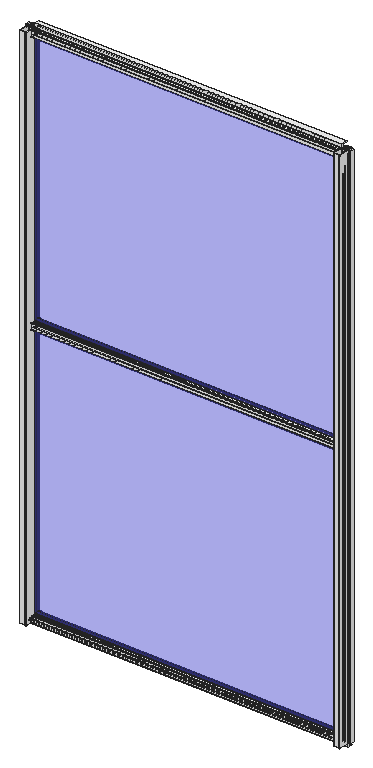
Revit family "Facade_60_Curtain_Wall_S12_Standard", category Windows, host Wall, Revit 2014
Parameters (values of type "F60-S12-3050-2000Pa")
  Windload Design [instance] = if(Custom Windload < 1001 mm, 1000 mm, if(Custom Windload < 1501 mm, 1500 mm, 2000 mm))  # 1000 mm
  Width [instance] = if(Custom Curtain Wall Width < Limit Door Width Min, Limit Door Width Min, if(Custom Curtain Wall Width > Limit Door Width Max, Limit Door Width Max, Custom Curtain Wall Width))  # 2990 mm
  Wall Thickness [instance] = 200 mm
  Vertical Profile Length [instance] = Height - Frame Bottom Gap  # 4960 mm
  URL = "http://www.crealco.co.za/crealco-products.php"
  Type Comments = ""
  Thermal Resistance (R) [instance] = if(IGDB or SAGDB Number = 100100, 1.0000 (m²·K)/W / Intruderprufe U Value, if(IGDB or SAGDB Number = 100100, 1.0000 (m²·K)/W / Intruderprufe U Value, if(IGDB or SAGDB Number = 105003, 1.0000 (m²·K)/W / Intruderprufe Insulated U Value, if(IGDB or SAGDB Number = 105004, 1.0000 (m²·K)/W / Intruderprufe Insulated LowE U Value, 1.0000 (m²·K)/W / 7.9)))) * 1  # 0.126582 (m²·K)/W
  Thermal Break Material = Plastic, Opaque Black
  Solar Heat Gain Coefficient [instance] = if(IGDB or SAGDB Number = 100100, Intruderprufe SHGC Value, if(IGDB or SAGDB Number = 103200, Intruderprufe LowE SHGC Value, if(IGDB or SAGDB Number = 105003, Intruderprufe Insulated SHGC Value, if(IGDB or SAGDB Number = 105004, Intruderprufe Insulated LowE SHGC Value, 0))))  # 0
  Single Glazing [instance] = if(DG Forced, 1 = 0, not(Double Glazing))  # no
  Sill Height = 85 mm  # constant formula
  SG Forced [instance] = not(DG Forced)  # no
  Quarter Expansion Break = no
  Overall Width [instance] = 2990 mm
  Overall Height [instance] = 4990 mm
  Mullion Configuration = 1 mm  # constant formula
  Model = "Façade 60 "  # constant formula
  Mid Transom Bottom Gap [instance] = (Height - Frame Bottom Gap) / 2  # 2480 mm
  Max System DG Unit Thickness = 25 mm  # constant formula
  Max System DG One Piece Thickness [instance] = rounddown((Max System DG Unit Thickness - DG Gasket Thickness) / 2 mm) * 1 mm  # 6 mm
  Max Pane Area [instance] = Glazing Width * Glazing Height  # 7.07344 m²
  Manufacturer = "Crealco"  # constant formula
  Limit Door Width Min = Limit Panel Width Min + (2 * Glazing Side Gap)  # 379.6 mm
  Limit Door Width Max = Limit Panel Width Max + (2 * Glazing Side Gap)  # 3079.6 mm
  Limit Door Height Min = (2 * Limit Panel Height Min) + 69.8 mm + (1 mm * 19.6) + 39.8 mm  # 729.2 mm
  Limit Door Height Max = (2 * Limit Panel Height Max) + 69.8 mm + (1 mm * 19.6) + 39.8 mm  # 12129.2 mm
  Limit Panel Width Min = 300 mm  # constant formula
  Limit Panel Width Max = 3000 mm  # constant formula
  Limit Panel Height Min = 300 mm  # constant formula
  Limit Panel Height Max = 6000 mm  # constant formula
  Sill Length [instance] = Width  # 2990 mm
  Length Sill [instance] = Width  # 2990 mm
  Keynote = ""
  Jamb Width = 60 mm  # constant formula
  Intruderprufe U Value = 5.76
  Intruderprufe SHGC Value = 0.744
  Intruderprufe LowE U Value = 3.99
  Intruderprufe LowE SHGC Value = 0.651
  Intruderprufe Insulated U Value = 2.91
  Intruderprufe Insulated SHGC Value = 0.639
  Intruderprufe Insulated LowE U Value = 0.22
  Intruderprufe Insulated LowE SHGC Value = 0.576
  Horizontal Profile Length [instance] = Width - (2 * Jamb Width)  # 2870 mm
  Half Expansion Break = no
  Glazing Width [instance] = Horizontal Profile Length + (2 mm * 20.2)  # 2910.4 mm
  Glazing Top Gap = 39.8 mm  # constant formula
  Glazing Side Gap = 39.8 mm  # constant formula
  Glazing Height [instance] = (Height - Glazing Top Gap - Glazing Bottom Gap - (60 mm - 20.2 mm - 20.2 mm)) / 2  # 2430.4 mm
  Glazing Gap SG [instance] = (14 mm - SG Thickness) / 2  # 2 mm
  Glazing Gap DG [instance] = (28 mm - (DG Thickness + DG Thickness + DG Gasket Thickness)) / 2  # 2 mm
  Glazing Bottom Gap = 69.8 mm  # constant formula
  Frame Thickness = 101.8 mm  # constant formula
  Frame Bottom Gap = 30 mm  # constant formula
  Door Leaf Height [instance] = 2050 mm
  Double Glazing [instance] = yes
  DG Thickness Calc [instance] = if(not(Max Pane Area > 1.125 m²), 4 mm, if(not(Max Pane Area > 2.25 m²), 4 mm, if(not(Max Pane Area > 3.15 m²), 5 mm, if(not(Max Pane Area > 4.35 m²), 6 mm, if(not(Max Pane Area > 6.45 m²), 8 mm, 10 mm)))))  # 10 mm
  DG Thickness [instance] = if(IGDB or SAGDB Number = 105003, 6 mm, if(IGDB or SAGDB Number = 105004, 7 mm, if(DG Thickness Calc > Max System DG One Piece Thickness, Max System DG One Piece Thickness, DG Thickness Calc)))  # 6 mm
  DG Gasket Thickness = 12 mm  # constant formula
  DG Gasket Finish [instance] = Double Glazing Gasket Material
  DG Forced [instance] = if(IGDB or SAGDB Number = 100100, 1 = 0, if(IGDB or SAGDB Number = 103200, 1 = 0, if(IGDB or SAGDB Number = 105003, 1 = 1, if(IGDB or SAGDB Number = 105004, 1 = 1, Double Glazing))))  # yes
  IGDB or SAGDB Number [instance] = 0
  Height [instance] = if(Custom Curtain Wall Height < Limit Door Height Min, Limit Door Height Min, if(Custom Curtain Wall Height > Limit Door Height Max, Limit Door Height Max, Custom Curtain Wall Height))  # 4990 mm
  Heat Transfer Coefficient (U) [instance] = if(IGDB or SAGDB Number = 100100, Intruderprufe U Value, if(IGDB or SAGDB Number = 103200, Intruderprufe LowE U Value, if(IGDB or SAGDB Number = 105003, Intruderprufe Insulated U Value, if(IGDB or SAGDB Number = 105004, Intruderprufe Insulated LowE U Value, 7.9)))) * 1.0000 W/(m²·K)  # 7.9000 W/(m²·K)
  SG Thickness [instance] = if(IGDB or SAGDB Number = 100100, 6 mm, if(IGDB or SAGDB Number = 103200, 7 mm, if(not(Max Pane Area > 0.75 m²), 4 mm, if(not(Max Pane Area > 1.50 m²), 4 mm, if(not(Max Pane Area > 2.10 m²), 5 mm, if(not(Max Pane Area > 2.90 m²), 6.4 mm, if(not(Max Pane Area > 4.30 m²), 8 mm, 10 mm)))))))  # 10 mm
  Glazing Material [instance] = if(IGDB or SAGDB Number = 100100, "PFG INTRUDERPRUFE 6.38mm", if(IGDB or SAGDB Number = 103200, "PFG INTRUDERPRUFE LOW-E 7.38mm", if(IGDB or SAGDB Number = 105003, "PFG 25mm INTRUDERPRUFE INSULATED GLASS", if(IGDB or SAGDB Number = 105004, "PFG 25mm INTRUDERPRUFE INSULATED GLASS LOW-E", "Unknown"))))  # "Unknown"
  Glazing Finish [instance] = Glass
  Glazing Code [instance] = if(IGDB or SAGDB Number = 100100, "LAM01", if(IGDB or SAGDB Number = 103200, "LAM01E", if(IGDB or SAGDB Number = 105003, "IGU25", if(IGDB or SAGDB Number = 105004, "IGU25E", "Unknown"))))  # "Unknown"
  Frame Offset From Exterior [instance] = if(Centered In Wall, (Wall Thickness - Frame Thickness) / 2, Custom Offset From Exterior) + 5.9 mm  # 55 mm
  Description = "Curtain wall, S12 "  # constant formula
  Default Sill Height = 0 mm
  Wall Closure = By host
  Custom Curtain Wall Width = 2990 mm
  Custom Curtain Wall Height = 4990 mm
  Custom Windload = 1000 mm
  Custom Offset From Exterior = 10 mm
  Centered In Wall [instance] = 1 = 1  # yes
  Aluminium Finish [instance] = White Powder Coated Aluminium ANP 1052
  All Available Glazing Numbers [instance] = "The rows below list the available glazing materials for this window:"  # constant formula
  190mm Mullion = if(Mullion Configuration = 3 mm, 1 = 1, 1 = 0)  # no
  160mm Mullion = if(Mullion Configuration = 2 mm, 1 = 1, 1 = 0)  # no
  105004 [instance] = "IGU25E"  # constant formula
  105003 [instance] = "IGU25"  # constant formula
  103200 [instance] = "LAM01E"  # constant formula
  100mm Mullion = if(or(Mullion Configuration = 2 mm, Mullion Configuration = 3 mm), 1 = 0, 1 = 1)  # yes
  100100 [instance] = "LAM01"  # constant formula
Reference planes
  plane 1 "Center (Front/Back)": y = 0
  plane 2 "Center (Left/Right)": x = 0
  plane 3 "Left": x = -1495
  plane 4 "Right": x = 1495
  plane 5 "Sill": z = 0
  plane 6 "Head": z = 4990
  plane 7 "Exterior": y = 100
  plane 8 "Interior": y = -100
Lines and regions (mm)
  Opening 1
    outline origin (3507.082, -100, 0) x (1, 0, 0) y (0, 0, 1)
      loop
        line (-2012.082, 0) -> (-2012.082, 4990) -> (-5002.082, 4990) -> (-5002.082, 0) -> (-2012.082, 0)
Text (mm)
  text "EXTERIOR" at (-1963.203, 1332.353, 0), in view "Ref. Level"
  text "INTERIOR" at (-1981.466, -818.386, 0), in view "Ref. Level"
  text "Exterior" at (0, 923.751, 2943.296), in view "Right"
  text "Exterior" at (0, 1040.484, 2685.409), in view "Left"
Dimensions and locks
  equal spacing: plane 3 "Left", plane 2 "Center (Left/Right)", plane 4 "Right"
  "Width": plane 3 "Left" to plane 4 "Right"
  "Height": plane 5 "Sill" to plane 6 "Head"
  "Default Sill Height": plane 5 "Sill" to level
  locked: plane 7 "Exterior" to host wall at 0
  locked: plane 8 "Interior" to host wall
  "Overall Height": plane 6 "Head" to plane 5 "Sill"
  "Overall Width": plane 3 "Left" to plane 4 "Right"
  "Wall Thickness": host wall to host wall
  "Jamb Width": nested 3 to plane 4 "Right"
  "Jamb Width": nested 5 to plane 4 "Right"
  "Frame Bottom Gap": nested 5 to level
  "Frame Offset From Exterior": nested 1 to plane 7 "Exterior"
  "Glazing Side Gap": nested 6 to plane 4 "Right"
  "Glazing Top Gap": nested 6 to plane 6 "Head"
  "Glazing Gap SG": nested 6 to nested 1
  "Glazing Side Gap": nested 7 to plane 4 "Right"
  "Glazing Top Gap": nested 7 to plane 6 "Head"
  "Glazing Gap DG": nested 7 to nested 1
  "Jamb Width": nested 8 to plane 4 "Right"
  "Mid Transom Bottom Gap": nested 8 to level
  "Glazing Side Gap": nested 9 to plane 4 "Right"
  "Glazing Side Gap": nested 10 to plane 4 "Right"
  "Glazing Gap SG": nested 10 to nested 1
  "Glazing Gap DG": nested 9 to nested 1
  "Glazing Bottom Gap": nested 9 to level
  "Glazing Bottom Gap": nested 10 to level
  locked: nested 1 to nested 5 at 8.887
  aligned and locked: plane 4 "Right" to nested 1
  aligned and locked: nested 1 to plane 6 "Head"
  aligned and locked: plane 3 "Left" to nested 2
  aligned and locked: plane 6 "Head" to nested 2
  aligned and locked: nested 3 to plane 6 "Head"
  aligned and locked: nested 1 to nested 3
  aligned and locked: nested 4 to level
  aligned and locked: plane 4 "Right" to nested 4
  aligned and locked: nested 1 to nested 2
  aligned and locked: nested 5 to nested 4
  aligned and locked: nested 8 to nested 3
Automatic sketch dimensions
  plane 3 "Left" to Opening 1 sketch curve = 0 mm
  plane 4 "Right" to Opening 1 sketch curve = 0 mm
  Opening 1 sketch curve to plane 5 "Sill" = 0 mm
  Opening 1 sketch curve to plane 6 "Head" = 0 mm
Nested families
  nested 1: "F60 Vertical Profile Side_S12_Std" at (1495, -1.058, 30) x (-1, 0, 0) z (0, 0, 1), Thermal Break Material <- "Thermal Break Material", Profile Material <- "Aluminium Finish", Length <- "Vertical Profile Length", Single Glazing <- "SG Forced", Double Glazing <- "DG Forced", 100mm Mullion <- "100mm Mullion", 160mm Mullion <- "160mm Mullion", 190mm Mullion <- "190mm Mullion", Quarter Expansion Break <- "Quarter Expansion Break", Half Expansion Break <- "Half Expansion Break", type "F60 Vertical Profile Side_S12_Std"
    with Thermal Break Material Plastic, Opaque Black, Single Glazing no, Quarter SG Expansion Break no, Quarter Length 1240 mm, Quarter Expansion Break no, Quarter DG Expansion Break no, Quarter 190mm Expansion Break no, Quarter 160mm Expansion Break no, Quarter 100mm Expansion Break no, Profile Material White Powder Coated Aluminium ANP 1052, Length 4960 mm, Half SG Expansion Break no, Half Length 2480 mm, Half Expansion Break no, Half DG Expansion Break no, Half 190mm Expansion Joint no, Half 160mm Expansion Break no, Half 100mm Expansion Break no, Double Glazing yes, 190mm Mullion no, 160mm Mullion no, 100mm Mullion yes
  nested 2: "F60 Vertical Profile Side_S12_Std" at (-1495, -1.058, 30), Thermal Break Material <- "Thermal Break Material", Profile Material <- "Aluminium Finish", Length <- "Vertical Profile Length", Single Glazing <- "SG Forced", Double Glazing <- "DG Forced", 100mm Mullion <- "100mm Mullion", 160mm Mullion <- "160mm Mullion", 190mm Mullion <- "190mm Mullion", Quarter Expansion Break <- "Quarter Expansion Break", Half Expansion Break <- "Half Expansion Break", type "F60 Vertical Profile Side_S12_Std"
    with Thermal Break Material Plastic, Opaque Black, Single Glazing no, Quarter SG Expansion Break no, Quarter Length 1240 mm, Quarter Expansion Break no, Quarter DG Expansion Break no, Quarter 190mm Expansion Break no, Quarter 160mm Expansion Break no, Quarter 100mm Expansion Break no, Profile Material White Powder Coated Aluminium ANP 1052, Length 4960 mm, Half SG Expansion Break no, Half Length 2480 mm, Half Expansion Break no, Half DG Expansion Break no, Half 190mm Expansion Joint no, Half 160mm Expansion Break no, Half 100mm Expansion Break no, Double Glazing yes, 190mm Mullion no, 160mm Mullion no, 100mm Mullion yes
  nested 3: "F60 Horizontal Profile Top_S12_Std" at (1435, -50.858, 4930) x (-1, 0, 0) z (0, 0, 1), Thermal Break Material <- "Thermal Break Material", Profile Material <- "Aluminium Finish", Length <- "Horizontal Profile Length", Single Glazing <- "SG Forced", Double Glazing <- "DG Forced", type "F60 Horizontal Profile Top_S12_Std"
    with Thermal Break Material Plastic, Opaque Black, Single Glazing no, Profile Material White Powder Coated Aluminium ANP 1052, Length 2870 mm, Double Glazing yes
  nested 4: "F60 Sill_S12_Std" at (1495, -13.486, -1.88) x (-1, 0, 0) z (0, 0, 1), Profile Material <- "Aluminium Finish", Length Sill <- "Length Sill", type "F60 Sill_S12_Std"
    with Profile Material White Powder Coated Aluminium ANP 1052, Length Sill 2990 mm
  nested 5: "F60 Horizontal Profile Bottom_S12_Std" at (1435, -50.858, 30) x (-1, 0, 0) z (0, 0, 1), Thermal Break Material <- "Thermal Break Material", Profile Material <- "Aluminium Finish", Length <- "Horizontal Profile Length", Single Glazing <- "SG Forced", Double Glazing <- "DG Forced", type "F60 Horizontal Profile Bottom_S12_Std"
    with Thermal Break Material Plastic, Opaque Black, Single Glazing no, Profile Material White Powder Coated Aluminium ANP 1052, Length 2870 mm, Double Glazing yes
  nested 6: "F60_Single_Glazing_S12_Std" at (1455.2, 10.942, 2519.8), Glazing Width <- "Glazing Width", Glazing Height <- "Glazing Height", SG Thickness <- "SG Thickness", Glazing Finish <- "Glazing Finish", visible <- "SG Forced", type "F60_Single_Glazing_S12_Std"
    with SG Thickness 10 mm, Glazing Width 2910.4 mm, Glazing Height 2430.4 mm, Glazing Finish Glass
  nested 7: "F60_Double_Glazing_S12_Std" at (1455.2, 24.942, 2519.8), Glazing Material <- "Glazing Finish", Double Glazing Gasket Material <- "DG Gasket Finish", Glazing Width <- "Glazing Width", Glazing Height <- "Glazing Height", Glazing Thickness DG <- "DG Thickness", Double Glazing Gasket Thickness <- "DG Gasket Thickness", visible <- "DG Forced", type "F60_Double_Glazing_S12_Std"
    with Glazing Width 2910.4 mm, Glazing Thickness DG 6 mm, Glazing Material Glass, Glazing Height 2430.4 mm, Double Glazing Gasket Thickness 12 mm, Double Glazing Gasket Material Double Glazing Gasket Material
  nested 8: "F60 Horizontal Profile Middle_S12_Std" at (1435, -50.858, 2480) x (-1, 0, 0) z (0, 0, 1), Thermal Break Material <- "Thermal Break Material", Profile Material <- "Aluminium Finish", Length <- "Horizontal Profile Length", Single Glazing <- "SG Forced", Double Glazing <- "DG Forced", type "F60 Horizontal Profile Middle_S12_Std"
    with Thermal Break Material Plastic, Opaque Black, Single Glazing no, Profile Material White Powder Coated Aluminium ANP 1052, Length 2870 mm, Double Glazing yes
  nested 9: "F60_Double_Glazing_S12_Std" at (1455.2, 24.942, 69.8), Glazing Material <- "Glazing Finish", Double Glazing Gasket Material <- "DG Gasket Finish", Glazing Width <- "Glazing Width", Glazing Height <- "Glazing Height", Glazing Thickness DG <- "DG Thickness", Double Glazing Gasket Thickness <- "DG Gasket Thickness", visible <- "DG Forced", type "F60_Double_Glazing_S12_Std"
    with Glazing Width 2910.4 mm, Glazing Thickness DG 6 mm, Glazing Material Glass, Glazing Height 2430.4 mm, Double Glazing Gasket Thickness 12 mm, Double Glazing Gasket Material Double Glazing Gasket Material
  nested 10: "F60_Single_Glazing_S12_Std" at (1455.2, 10.942, 69.8), Glazing Width <- "Glazing Width", Glazing Height <- "Glazing Height", SG Thickness <- "SG Thickness", Glazing Finish <- "Glazing Finish", visible <- "SG Forced", type "F60_Single_Glazing_S12_Std"
    with SG Thickness 10 mm, Glazing Width 2910.4 mm, Glazing Height 2430.4 mm, Glazing Finish Glass
Definition of nested family "F60 Vertical Profile Side_S12_Std"
  Parameters (values of type "F60 Vertical Profile Side")
    Quarter SG Expansion Break [instance] = if(and(Quarter Expansion Break, Single Glazing), 1 = 1, 1 = 0)  # yes
    Quarter Length [instance] = Length / 4  # 62.5 mm
    Thermal Break Material [instance] = none
    Single Glazing [instance] = yes
    Quarter Expansion Break [instance] = yes
    Quarter DG Expansion Break [instance] = if(and(Quarter Expansion Break, Double Glazing), 1 = 1, 1 = 0)  # yes
    Quarter 190mm Expansion Break [instance] = if(and(Quarter Expansion Break, [190mm Mullion]), 1 = 1, 1 = 0)  # yes
    Quarter 160mm Expansion Break [instance] = if(and(Quarter Expansion Break, [160mm Mullion]), 1 = 1, 1 = 0)  # yes
    Quarter 100mm Expansion Break [instance] = if(and(Quarter Expansion Break, [100mm Mullion]), 1 = 1, 1 = 0)  # yes
    Profile Material [instance] = none
    Length [instance] = 250 mm
    Half SG Expansion Break [instance] = if(and(Half Expansion Break, Single Glazing), 1 = 1, 1 = 0)  # yes
    Half Length [instance] = Length / 2  # 125 mm
    Half Expansion Break [instance] = yes
    Half DG Expansion Break [instance] = if(and(Half Expansion Break, Double Glazing), 1 = 1, 1 = 0)  # yes
    Half 190mm Expansion Joint [instance] = if(and(Half Expansion Break, [190mm Mullion]), 1 = 1, 1 = 0)  # yes
    Half 160mm Expansion Break [instance] = if(and(Half Expansion Break, [160mm Mullion]), 1 = 1, 1 = 0)  # yes
    Half 100mm Expansion Break [instance] = if(and(Half Expansion Break, [100mm Mullion]), 1 = 1, 1 = 0)  # yes
    Double Glazing [instance] = yes
    190mm Mullion [instance] = yes
    160mm Mullion [instance] = yes
    100mm Mullion [instance] = yes
  Reference planes
    plane 1 "Center (Front/Back)": y = 0
    plane 2: z = 0
    plane 3 "Center (Left/Right)": x = 0
  Forms (mm)
    Extrusion 1, solid, material <- "Profile Material"
      sketch origin (0, 0, 0) x (1, 0, 0) y (0, 1, 0)
        loop
          arc (25.249, -8.7) -> (25.484, -9.266) -> (26.049, -9.5) r 0.8
          line (26.049, -9.5) -> (27.1, -9.5) -> (27.1, 7) -> (32.902, 7) -> (32.902, -9.5) -> (33.951, -9.5)
          arc (33.951, -9.5) -> (34.516, -9.266) -> (34.751, -8.7) r 0.8
          line (34.751, -8.7) -> (34.751, 6.2)
          arc (34.751, 6.2) -> (34.985, 6.766) -> (35.551, 7) r 0.8
          line (35.551, 7) -> (52.1, 7) -> (52.1, 5.4) -> (50.55, 5.4) -> (50.55, 4.55)
          arc (50.55, 4.55) -> (50.726, 4.126) -> (51.15, 3.95) r 0.6
          line (51.15, 3.95) -> (52.1, 3.95) -> (52.1, 1)
          arc (52.1, 1) -> (51.6, 0.5) -> (52.1, 0) r 0.5
          line (52.1, 0) -> (54.45, 0) -> (54.45, 1.15) -> (53.3, 1.15) -> (53.3, 2.45) -> (58.8, 2.45) -> (58.8, 1.15) -> (57.65, 1.15) -> (57.65, 0) -> (59.5, 0)
          arc (59.5, 0) -> (59.854, 0.146) -> (60, 0.5) r 0.5
          line (60, 0.5) -> (60, 3.9) -> (53.55, 3.9) -> (53.55, 7.6)
          arc (53.55, 7.6) -> (53.316, 8.166) -> (52.75, 8.4) r 0.8
          line (52.75, 8.4) -> (30, 8.4) -> (7.25, 8.4)
          arc (7.25, 8.4) -> (6.684, 8.166) -> (6.45, 7.6) r 0.8
          line (6.45, 7.6) -> (6.45, 3.9) -> (0, 3.9) -> (0, 0.5)
          arc (0, 0.5) -> (0.146, 0.146) -> (0.5, 0) r 0.5
          line (0.5, 0) -> (2.35, 0) -> (2.35, 1.15) -> (1.2, 1.15) -> (1.2, 2.45) -> (6.7, 2.45) -> (6.7, 1.15) -> (5.55, 1.15) -> (5.55, 0) -> (7.9, 0)
          arc (7.9, 0) -> (8.4, 0.5) -> (7.9, 1) r 0.5
          line (7.9, 1) -> (7.9, 3.95) -> (8.85, 3.95)
          arc (8.85, 3.95) -> (9.274, 4.126) -> (9.45, 4.55) r 0.6
          line (9.45, 4.55) -> (9.45, 5.4) -> (7.9, 5.4) -> (7.9, 7) -> (24.449, 7)
          arc (24.449, 7) -> (25.015, 6.766) -> (25.249, 6.2) r 0.8
          line (25.249, 6.2) -> (25.249, -8.7)
      from 0 to 250 <- "Length"
    Extrusion 2, solid, material <- "Thermal Break Material"
      sketch origin (0, 0, 0) x (1, 0, 0) y (0, 1, 0)
        loop
          line (1.75, 9.8) -> (1.75, 5.2) -> (0, 5.2) -> (0, 3.9) -> (6.35, 3.9) -> (6.35, 7.856)
          arc (6.35, 7.856) -> (6.526, 8.281) -> (6.95, 8.456) r 0.6
          line (6.95, 8.456) -> (30, 8.456) -> (53.05, 8.456)
          arc (53.05, 8.456) -> (53.474, 8.281) -> (53.65, 7.856) r 0.6
          line (53.65, 7.856) -> (53.65, 3.9) -> (60, 3.9) -> (60, 5.2) -> (58.25, 5.2) -> (58.25, 9.8) -> (30, 9.8) -> (1.75, 9.8)
      from 0 to 250 <- "Length"
    Extrusion 3, solid, material <- "Thermal Break Material", visible <- "Single Glazing"
      sketch origin (0, 0, 0) x (1, 0, 0) y (0, 1, 0)
        loop
          line (25.749, -14.011) -> (27.672, -14.011) -> (28.481, -12.611) -> (31.518, -12.611) -> (32.327, -14.011) -> (34.249, -14.011)
          arc (34.249, -14.011) -> (34.603, -13.864) -> (34.749, -13.511) r 0.5
          line (34.749, -13.511) -> (34.749, -10.011)
          arc (34.749, -10.011) -> (34.603, -9.657) -> (34.249, -9.511) r 0.5
          line (34.249, -9.511) -> (32.352, -9.511) -> (32.352, 0.19) -> (31.349, 2.261)
          arc (31.349, 2.261) -> (29.999, 2.986) -> (28.649, 2.261) r 1.62
          line (28.649, 2.261) -> (27.647, 0.19) -> (27.647, -9.511) -> (25.749, -9.511)
          arc (25.749, -9.511) -> (25.396, -9.657) -> (25.249, -10.011) r 0.5
          line (25.249, -10.011) -> (25.249, -13.511)
          arc (25.249, -13.511) -> (25.396, -13.864) -> (25.749, -14.011) r 0.5
        loop
          line (28.504, -10.005) -> (28.504, -10.861)
          arc (28.504, -10.861) -> (28.651, -11.214) -> (29.004, -11.361) r 0.5
          line (29.004, -11.361) -> (30.994, -11.361)
          arc (30.994, -11.361) -> (31.348, -11.214) -> (31.494, -10.861) r 0.5
          line (31.494, -10.861) -> (31.494, -10.005) -> (30.708, -9.219)
          arc (30.708, -9.219) -> (30.383, -9.001) -> (29.999, -8.924) r 1.007
          arc (29.999, -8.924) -> (29.616, -8.999) -> (29.292, -9.217) r 0.986
          line (29.292, -9.217) -> (28.504, -10.005)
        loop
          arc (30.896, 1.935) -> (29.887, 2.44) -> (29.005, 1.735) r 1.047
          line (29.005, 1.735) -> (28.347, 0.374) -> (28.347, -6.993)
          arc (28.347, -6.993) -> (28.583, -7.417) -> (29.068, -7.441) r 0.5
          arc (29.068, -7.441) -> (29.999, -7.223) -> (30.93, -7.441) r 2.099
          arc (30.93, -7.441) -> (31.416, -7.417) -> (31.652, -6.993) r 0.5
          line (31.652, -6.993) -> (31.652, 0.374) -> (30.896, 1.935)
      from 0 to 250 <- "Length"
    Extrusion 4, solid, material <- "Profile Material", visible <- "Single Glazing"
      sketch origin (0, 0, 0) x (1, 0, 0) y (0, 1, 0)
        loop
          line (52.693, -14.011) -> (32.327, -14.011) -> (31.519, -12.611) -> (28.481, -12.611) -> (27.673, -14.011) -> (7.307, -14.011) -> (7.307, -15.011) -> (8.457, -15.011) -> (8.457, -16.261) -> (2.957, -16.261) -> (2.957, -15.011) -> (4.107, -15.011) -> (4.107, -14.011) -> (1.707, -14.011)
          arc (1.707, -14.011) -> (1.199, -14.293) -> (1.168, -14.873) r 0.6
          line (1.168, -14.873) -> (2.093, -16.772) -> (1.015, -17.298) -> (1.484, -18.261) -> (11.488, -18.261)
          arc (11.488, -18.261) -> (11.913, -18.085) -> (12.088, -17.661) r 0.6
          line (12.088, -17.661) -> (12.088, -16.811) -> (47.912, -16.811) -> (47.912, -17.661)
          arc (47.912, -17.661) -> (48.088, -18.085) -> (48.512, -18.261) r 0.6
          line (48.512, -18.261) -> (58.518, -18.261) -> (58.987, -17.298) -> (57.908, -16.772) -> (58.834, -14.874)
          arc (58.834, -14.874) -> (58.802, -14.293) -> (58.293, -14.011) r 0.6
          line (58.293, -14.011) -> (55.893, -14.011) -> (55.893, -15.011) -> (57.043, -15.011) -> (57.043, -16.261) -> (51.543, -16.261) -> (51.543, -15.011) -> (52.693, -15.011) -> (52.693, -14.011)
      from 0 to 250 <- "Length"
    Extrusion 5, solid, material <- "Profile Material", visible <- "Single Glazing"
      sketch origin (0, 0, 0) x (1, 0, 0) y (0, 1, 0)
        loop
          line (2.801, -18.261) -> (1.484, -18.261) -> (1.015, -17.298) -> (2.093, -16.772) -> (0.779, -14.076)
          arc (0.779, -14.076) -> (0.239, -14.21) -> (0.001, -14.713) r 0.65
          line (0.001, -14.713) -> (0.001, -28.068)
          arc (0.001, -28.068) -> (1.172, -30.897) -> (4.001, -32.068) r 4
          line (4.001, -32.068) -> (30.001, -32.068) -> (56.001, -32.068)
          arc (56.001, -32.068) -> (58.829, -30.897) -> (60.001, -28.068) r 4
          line (60.001, -28.068) -> (60.001, -14.713)
          arc (60.001, -14.713) -> (59.763, -14.21) -> (59.223, -14.076) r 0.65
          line (59.223, -14.076) -> (57.908, -16.772) -> (58.987, -17.298) -> (58.518, -18.261) -> (57.201, -18.261)
          arc (57.201, -18.261) -> (56.83, -18.425) -> (56.703, -18.811) r 0.5
          arc (56.703, -18.811) -> (56.83, -19.196) -> (57.201, -19.361) r 0.5
          line (57.201, -19.361) -> (58.951, -19.361) -> (58.951, -27.968)
          arc (58.951, -27.968) -> (58.131, -29.948) -> (56.151, -30.768) r 2.8
          line (56.151, -30.768) -> (30.001, -30.768) -> (3.851, -30.768)
          arc (3.851, -30.768) -> (1.871, -29.948) -> (1.051, -27.968) r 2.8
          line (1.051, -27.968) -> (1.051, -19.361) -> (2.801, -19.361)
          arc (2.801, -19.361) -> (3.172, -19.196) -> (3.298, -18.811) r 0.5
          arc (3.298, -18.811) -> (3.172, -18.425) -> (2.801, -18.261) r 0.5
      from 0 to 250 <- "Length"
    Extrusion 6, solid, material <- "Profile Material", visible <- "100mm Mullion"
      sketch origin (0, 0, 0) x (1, 0, 0) y (0, 1, 0)
        loop
          line (14.02, 13) -> (45.98, 13)
          arc (45.98, 13) -> (46.539, 12.842) -> (46.917, 12.4) r 1
          arc (46.917, 12.4) -> (47.285, 11.963) -> (47.833, 11.8) r 1
          line (47.833, 11.8) -> (58.15, 11.8) -> (58.15, 96.3) -> (47.833, 96.3)
          arc (47.833, 96.3) -> (47.285, 96.137) -> (46.917, 95.7) r 1
          arc (46.917, 95.7) -> (46.548, 95.263) -> (46, 95.1) r 1
          line (46, 95.1) -> (14, 95.1)
          arc (14, 95.1) -> (13.452, 95.263) -> (13.083, 95.7) r 1
          arc (13.083, 95.7) -> (12.715, 96.137) -> (12.167, 96.3) r 1
          line (12.167, 96.3) -> (1.85, 96.3) -> (1.85, 11.8) -> (12.167, 11.8)
          arc (12.167, 11.8) -> (12.715, 11.963) -> (13.083, 12.4) r 1
          arc (13.083, 12.4) -> (13.461, 12.842) -> (14.02, 13) r 1
        loop
          line (1.65, 9.856) -> (58.35, 9.856) -> (58.35, 5.2) -> (60, 5.2) -> (60, 98.8)
          arc (60, 98.8) -> (59.707, 99.507) -> (59, 99.8) r 1
          line (59, 99.8) -> (1, 99.8)
          arc (1, 99.8) -> (0.293, 99.507) -> (0, 98.8) r 1
          line (0, 98.8) -> (0, 5.2) -> (1.65, 5.2) -> (1.65, 9.856)
      from 0 to 250 <- "Length"
    Extrusion 7, solid, material <- "Profile Material", visible <- "160mm Mullion"
      sketch origin (0, 0, 0) x (1, 0, 0) y (0, 1, 0)
        loop
          arc (2.35, 15.6) -> (2.526, 15.176) -> (2.95, 15) r 0.6
          line (2.95, 15) -> (57.05, 15)
          arc (57.05, 15) -> (57.474, 15.176) -> (57.65, 15.6) r 0.6
          line (57.65, 15.6) -> (57.65, 153.7)
          arc (57.65, 153.7) -> (57.474, 154.124) -> (57.05, 154.3) r 0.6
          line (57.05, 154.3) -> (47.833, 154.3)
          arc (47.833, 154.3) -> (47.285, 154.137) -> (46.917, 153.7) r 1
          arc (46.917, 153.7) -> (46.548, 153.263) -> (46, 153.1) r 1
          line (46, 153.1) -> (14, 153.1)
          arc (14, 153.1) -> (13.452, 153.263) -> (13.083, 153.7) r 1
          arc (13.083, 153.7) -> (12.715, 154.137) -> (12.167, 154.3) r 1
          line (12.167, 154.3) -> (2.95, 154.3)
          arc (2.95, 154.3) -> (2.526, 154.124) -> (2.35, 153.7) r 0.6
          line (2.35, 153.7) -> (2.35, 15.6)
        loop
          arc (1, 159.8) -> (0.293, 159.507) -> (0, 158.8) r 1
          line (0, 158.8) -> (0, 5.2) -> (1.65, 5.2) -> (1.65, 10.013) -> (58.35, 10.013) -> (58.35, 5.2) -> (60, 5.2) -> (60, 158.8)
          arc (60, 158.8) -> (59.707, 159.507) -> (59, 159.8) r 1
          line (59, 159.8) -> (1, 159.8)
      from 0 to 250 <- "Length"
    Extrusion 8, solid, material <- "Profile Material", visible <- "190mm Mullion"
      sketch origin (0, 0, 0) x (1, 0, 0) y (0, 1, 0)
        loop
          line (57.25, 15.1) -> (57.25, 178.3)
          arc (57.25, 178.3) -> (56.957, 179.007) -> (56.25, 179.3) r 1
          line (56.25, 179.3) -> (3.75, 179.3)
          arc (3.75, 179.3) -> (3.043, 179.007) -> (2.75, 178.3) r 1
          line (2.75, 178.3) -> (2.75, 15.1)
          arc (2.75, 15.1) -> (2.984, 14.534) -> (3.55, 14.3) r 0.8
          line (3.55, 14.3) -> (56.45, 14.3)
          arc (56.45, 14.3) -> (57.016, 14.534) -> (57.25, 15.1) r 0.8
        loop
          line (60, 5.2) -> (60, 188.8)
          arc (60, 188.8) -> (59.707, 189.507) -> (59, 189.8) r 1
          line (59, 189.8) -> (1, 189.8)
          arc (1, 189.8) -> (0.293, 189.507) -> (0, 188.8) r 1
          line (0, 188.8) -> (0, 5.2) -> (1.65, 5.2) -> (1.65, 9.856) -> (58.35, 9.856) -> (58.35, 5.2) -> (60, 5.2)
      from 0 to 250 <- "Length"
    Extrusion 9, solid, material <- "Thermal Break Material", visible <- "Double Glazing"
      sketch origin (0, 0, 0) x (1, 0, 0) y (0, 1, 0)
        loop
          line (27.672, -28) -> (28.48, -26.6) -> (31.518, -26.6) -> (32.326, -28) -> (34.249, -28)
          arc (34.249, -28) -> (34.603, -27.854) -> (34.749, -27.5) r 0.5
          line (34.749, -27.5) -> (34.749, -10)
          arc (34.749, -10) -> (34.603, -9.646) -> (34.249, -9.5) r 0.5
          line (34.249, -9.5) -> (32.352, -9.5) -> (32.352, 0.198) -> (31.348, 2.272)
          arc (31.348, 2.272) -> (29.998, 2.997) -> (28.648, 2.272) r 1.62
          line (28.648, 2.272) -> (27.645, 0.201) -> (27.645, -9.5) -> (25.749, -9.5)
          arc (25.749, -9.5) -> (25.396, -9.646) -> (25.249, -10) r 0.5
          line (25.249, -10) -> (25.249, -27.5)
          arc (25.249, -27.5) -> (25.396, -27.854) -> (25.749, -28) r 0.5
          line (25.749, -28) -> (27.672, -28)
        loop
          arc (30.706, -9.206) -> (30.382, -8.99) -> (29.999, -8.913) r 1.007
          arc (29.999, -8.913) -> (29.616, -8.988) -> (29.292, -9.206) r 0.986
          line (29.292, -9.206) -> (27.142, -11.356)
          arc (27.142, -11.356) -> (26.926, -11.68) -> (26.849, -12.063) r 1
          line (26.849, -12.063) -> (26.849, -24)
          arc (26.849, -24) -> (27.142, -24.707) -> (27.849, -25) r 1
          line (27.849, -25) -> (32.149, -25)
          arc (32.149, -25) -> (32.856, -24.707) -> (33.149, -24) r 1
          line (33.149, -24) -> (33.149, -12.063)
          arc (33.149, -12.063) -> (33.073, -11.68) -> (32.856, -11.356) r 1
          line (32.856, -11.356) -> (30.706, -9.206)
        loop
          arc (28.345, -6.982) -> (28.581, -7.407) -> (29.067, -7.43) r 0.5
          arc (29.067, -7.43) -> (29.998, -7.213) -> (30.929, -7.43) r 2.099
          arc (30.929, -7.43) -> (31.414, -7.407) -> (31.651, -6.982) r 0.5
          line (31.651, -6.982) -> (31.651, 0.385) -> (30.895, 1.946)
          arc (30.895, 1.946) -> (29.885, 2.45) -> (29.004, 1.745) r 1.047
          line (29.004, 1.745) -> (28.345, 0.385) -> (28.345, -6.982)
      from 0 to 250 <- "Length"
    Extrusion 10, solid, material <- "Profile Material", visible <- "Double Glazing"
      sketch origin (0, 0, 0) x (1, 0, 0) y (0, 1, 0)
        loop
          line (52.692, -28) -> (32.327, -28) -> (31.518, -26.6) -> (28.48, -26.6) -> (27.672, -28) -> (7.306, -28) -> (7.306, -29) -> (8.456, -29) -> (8.456, -30.25) -> (2.956, -30.25) -> (2.956, -29) -> (4.106, -29) -> (4.106, -28) -> (1.706, -28)
          arc (1.706, -28) -> (1.198, -28.282) -> (1.167, -28.863) r 0.6
          line (1.167, -28.863) -> (2.093, -30.762) -> (1.014, -31.288) -> (1.483, -32.25) -> (11.488, -32.25)
          arc (11.488, -32.25) -> (11.912, -32.074) -> (12.088, -31.65) r 0.6
          line (12.088, -31.65) -> (12.088, -30.8) -> (47.911, -30.8) -> (47.911, -31.65)
          arc (47.911, -31.65) -> (48.087, -32.074) -> (48.511, -32.25) r 0.6
          line (48.511, -32.25) -> (58.517, -32.25) -> (58.986, -31.288) -> (57.907, -30.762) -> (58.833, -28.864)
          arc (58.833, -28.864) -> (58.801, -28.282) -> (58.292, -28) r 0.6
          line (58.292, -28) -> (55.892, -28) -> (55.892, -29) -> (57.042, -29) -> (57.042, -30.25) -> (51.542, -30.25) -> (51.542, -29) -> (52.692, -29) -> (52.692, -28)
      from 0 to 250 <- "Length"
    Extrusion 11, solid, material <- "Profile Material", visible <- "Double Glazing"
      sketch origin (0, 0, 0) x (1, 0, 0) y (0, 1, 0)
        loop
          line (2.8, -32.25) -> (1.483, -32.25) -> (1.014, -31.288) -> (2.093, -30.762) -> (0.778, -28.065)
          arc (0.778, -28.065) -> (0.238, -28.2) -> (0, -28.702) r 0.65
          line (0, -28.702) -> (0, -42.058)
          arc (0, -42.058) -> (1.172, -44.886) -> (4, -46.058) r 4
          line (4, -46.058) -> (30, -46.058) -> (56, -46.058)
          arc (56, -46.058) -> (58.828, -44.886) -> (60, -42.058) r 4
          line (60, -42.058) -> (60, -28.702)
          arc (60, -28.702) -> (59.762, -28.2) -> (59.222, -28.065) r 0.65
          line (59.222, -28.065) -> (57.907, -30.762) -> (58.986, -31.288) -> (58.517, -32.25) -> (57.2, -32.25)
          arc (57.2, -32.25) -> (56.829, -32.415) -> (56.703, -32.8) r 0.5
          arc (56.703, -32.8) -> (56.829, -33.185) -> (57.2, -33.35) r 0.5
          line (57.2, -33.35) -> (58.95, -33.35) -> (58.95, -41.958)
          arc (58.95, -41.958) -> (58.13, -43.938) -> (56.15, -44.758) r 2.8
          line (56.15, -44.758) -> (30, -44.758) -> (3.85, -44.758)
          arc (3.85, -44.758) -> (1.87, -43.938) -> (1.05, -41.958) r 2.8
          line (1.05, -41.958) -> (1.05, -33.35) -> (2.8, -33.35)
          arc (2.8, -33.35) -> (3.171, -33.185) -> (3.297, -32.8) r 0.5
          arc (3.297, -32.8) -> (3.171, -32.415) -> (2.8, -32.25) r 0.5
      from 0 to 250 <- "Length"
    Extrusion 12, solid, material <- "Profile Material", visible <- "Single Glazing"
      sketch origin (0, 0, 0) x (1, 0, 0) y (0, 1, 0)
        loop
          line (10.403, -10.171) -> (10.403, -3.821) -> (-21.349, -3.821) -> (-21.349, -35.567) -> (-14.999, -35.567) -> (-14.999, -10.171) -> (10.403, -10.171)
      from 0 to 250 <- "Length"
    Extrusion 13, solid, material <- "Profile Material", visible <- "Double Glazing"
      sketch origin (0, 0, 0) x (1, 0, 0) y (0, 1, 0)
        loop
          line (10.402, -7.775) -> (10.402, -1.425) -> (-21.35, -1.425) -> (-21.35, -33.172) -> (-15, -33.172) -> (-15, -7.775) -> (10.402, -7.775)
      from 0 to 250 <- "Length"
    Extrusion 14, solid, material <- "Profile Material", visible <- "Double Glazing"
      sketch origin (0, 0, 0) x (1, 0, 0) y (0, 1, 0)
        loop
          line (12, -7.775) -> (0, -7.775) -> (0, -25.775) -> (12, -25.775) -> (12, -7.775)
        loop
          line (10.8, -8.975) -> (1.2, -8.975) -> (1.2, -24.575) -> (10.8, -24.575) -> (10.8, -8.975)
      from 0 to 250 <- "Length"
  Lines and regions (mm)
    model lines, style "GenericModelHiddenLines", visible <- "Half 100mm Expansion Break"
      curve 1: line (60, 5.2, 125) -> (60, 95.2, 125)
      curve 2: line (60, 99.8, 125) -> (0, 99.8, 125)
      curve 8: line (0, 5.2, 125) -> (0, 95.2, 125)
    model lines, style "GenericModelHiddenLines", visible <- "Quarter 100mm Expansion Break"
      curve 3: line (60, 5.2, 187.5) -> (60, 95.2, 187.5)
      curve 4: line (60, 5.2, 62.5) -> (60, 95.2, 62.5)
      curve 5: line (60, 99.8, 62.5) -> (0, 99.8, 62.5)
      curve 6: line (60, 99.8, 187.5) -> (0, 99.8, 187.5)
      curve 7: line (0, 5.2, 187.5) -> (0, 95.2, 187.5)
      curve 9: line (0, 5.2, 62.5) -> (0, 95.2, 62.5)
    model lines, style "GenericModelHiddenLines", visible <- "Half SG Expansion Break"
      curve 10: line (4.107, -32.068, 125) -> (55.893, -32.068, 125)
      curve 14: line (60.001, -14.011, 125) -> (60.001, -32.068, 125)
    model lines, style "GenericModelHiddenLines", visible <- "Quarter SG Expansion Break"
      curve 11: line (4.107, -32.068, 187.5) -> (56.703, -32.068, 187.5)
      curve 12: line (4.107, -32.068, 62.5) -> (56.703, -32.068, 62.5)
      curve 13: line (60.001, -14.011, 187.5) -> (60.001, -32.068, 187.5)
      curve 15: line (60.001, -14.011, 62.5) -> (60.001, -32.068, 62.5)
    model lines, style "GenericModelHiddenLines", visible <- "Quarter 160mm Expansion Break"
      curve 16: line (0, 5.2, 187.5) -> (0, 155.2, 187.5)
      curve 18: line (0, 5.2, 62.5) -> (0, 155.2, 62.5)
      curve 19: line (0, 159.8, 187.5) -> (60, 159.8, 187.5)
      curve 21: line (0, 159.8, 62.5) -> (60, 159.8, 62.5)
      curve 22: line (60, 5.2, 187.5) -> (60, 155.2, 187.5)
      curve 24: line (60, 5.2, 62.5) -> (60, 155.2, 62.5)
    model lines, style "GenericModelHiddenLines", visible <- "Half 160mm Expansion Break"
      curve 17: line (0, 5.2, 125) -> (0, 155.2, 125)
      curve 20: line (0, 159.8, 125) -> (60, 159.8, 125)
      curve 23: line (60, 5.2, 125) -> (60, 155.2, 125)
    model lines, style "GenericModelHiddenLines", visible <- "Quarter 190mm Expansion Break"
      curve 25: line (0, 5.2, 187.5) -> (0, 185.2, 187.5)
      curve 27: line (0, 5.2, 62.5) -> (0, 185.2, 62.5)
      curve 28: line (0.779, 189.8, 187.5) -> (59.222, 189.8, 187.5)
      curve 30: line (0.779, 189.8, 62.5) -> (59.222, 189.8, 62.5)
      curve 31: line (60, 5.2, 187.5) -> (60, 185.2, 187.5)
      curve 33: line (60, 5.2, 62.5) -> (60, 185.2, 62.5)
    model lines, style "GenericModelHiddenLines", visible <- "Half 190mm Expansion Joint"
      curve 26: line (0, 5.2, 125) -> (0, 185.2, 125)
      curve 29: line (0.779, 189.8, 125) -> (59.222, 189.8, 125)
      curve 32: line (60, 5.2, 125) -> (60, 185.2, 125)
    model lines, style "GenericModelHiddenLines", visible <- "Quarter DG Expansion Break"
      curve 34: line (60, -28.065, 187.5) -> (60, -46.074, 187.5)
      curve 36: line (60, -28.065, 62.5) -> (60, -46.027, 62.5)
      curve 37: line (59.222, -46.058, 187.5) -> (0.779, -46.058, 187.5)
      curve 39: line (59.222, -46.058, 62.5) -> (0.779, -46.058, 62.5)
    model lines, style "GenericModelHiddenLines", visible <- "Half DG Expansion Break"
      curve 35: line (60, -28.065, 125) -> (60, -46.074, 125)
      curve 38: line (59.222, -46.058, 125) -> (0.779, -46.058, 125)
  Dimensions and locks
    "Half Length": curve 1 to level
    "Half Length": level to curve 2
    "Quarter Length": curve 4 to level
    "Quarter Length": Extrusion 8 to curve 3
    "Quarter Length": level to curve 5
    "Quarter Length": curve 6 to Extrusion 6
    "Quarter Length": curve 9 to level
    "Half Length": curve 8 to level
    "Quarter Length": Extrusion 8 to curve 7
    "Quarter Length": curve 12 to level
    "Half Length": curve 10 to level
    "Quarter Length": Extrusion 5 to curve 11
    "Quarter Length": curve 15 to level
    "Half Length": curve 14 to level
    "Quarter Length": Extrusion 5 to curve 13
    "Quarter Length": Extrusion 7 to curve 18
    "Half Length": Extrusion 7 to curve 17
    "Quarter Length": Extrusion 7 to curve 16
    "Quarter Length": Extrusion 7 to curve 21
    "Quarter Length": curve 19 to Extrusion 7
    "Half Length": Extrusion 7 to curve 20
    "Quarter Length": Extrusion 7 to curve 24
    "Quarter Length": Extrusion 7 to curve 22
    "Half Length": Extrusion 7 to curve 23
    "Quarter Length": Extrusion 8 to curve 27
    "Quarter Length": Extrusion 8 to curve 25
    "Half Length": Extrusion 8 to curve 26
    "Quarter Length": Extrusion 8 to curve 30
    "Quarter Length": curve 28 to Extrusion 8
    "Half Length": Extrusion 8 to curve 29
    "Quarter Length": Extrusion 8 to curve 33
    "Quarter Length": Extrusion 8 to curve 31
    "Half Length": Extrusion 8 to curve 32
    "Quarter Length": Extrusion 11 to curve 36
    "Quarter Length": Extrusion 11 to curve 34
    "Half Length": Extrusion 11 to curve 35
    "Quarter Length": Extrusion 11 to curve 37
    "Quarter Length": curve 39 to Extrusion 11
    "Half Length": curve 38 to Extrusion 11
    aligned and locked: level to plane 2
  Automatic sketch dimensions
    Extrusion 1 sketch curve to plane 3 "Center (Left/Right)" = 0 mm
    plane 1 "Center (Front/Back)" to Extrusion 1 sketch curve = 0 mm  (x4)
    plane 3 "Center (Left/Right)" to Extrusion 1 sketch curve = 0.5 mm
    Extrusion 1 sketch curve to Extrusion 1 sketch curve = 0.7 mm  (x2)
    Extrusion 1 sketch curve to Extrusion 1 sketch curve = 1.15 mm  (x4)
    Extrusion 1 sketch curve to Extrusion 1 sketch curve = 3.2 mm  (x2)
    Extrusion 1 sketch curve to Extrusion 1 sketch curve = 0.9 mm
    Extrusion 1 sketch curve to Extrusion 1 sketch curve = 0.25 mm
    Extrusion 1 sketch curve to Extrusion 1 sketch curve = 0.8 mm  (x7)
    Extrusion 1 sketch curve to Extrusion 1 sketch curve = 1.45 mm  (x2)
    Extrusion 1 sketch curve to Extrusion 1 sketch curve = 0.65 mm  (x3)
    Extrusion 1 sketch curve to Extrusion 1 sketch curve = 0.95 mm  (x3)
    Extrusion 1 sketch curve to Extrusion 1 sketch curve = 0.6 mm  (x3)
    Extrusion 1 sketch curve to plane 1 "Center (Front/Back)" = 7 mm
    Extrusion 1 sketch curve to Extrusion 1 sketch curve = 14.999 mm  (x2)
    plane 1 "Center (Front/Back)" to Extrusion 1 sketch curve = 8.7 mm
    Extrusion 1 sketch curve to Extrusion 1 sketch curve = 1.85 mm
    Extrusion 1 sketch curve to Extrusion 1 sketch curve = 2.9 mm
    Extrusion 1 sketch curve to Extrusion 1 sketch curve = 5.802 mm
    Extrusion 1 sketch curve to Extrusion 1 sketch curve = 1.049 mm
    Extrusion 1 sketch curve to plane 1 "Center (Front/Back)" = 4.55 mm
    Extrusion 1 sketch curve to plane 1 "Center (Front/Back)" = 0.5 mm  (x3)
    Extrusion 1 sketch curve to Extrusion 1 sketch curve = 1.2 mm
    Extrusion 1 sketch curve to plane 1 "Center (Front/Back)" = 1.15 mm  (x2)
    Extrusion 1 sketch curve to Extrusion 1 sketch curve = 0 mm
    Extrusion 1 sketch curve to Extrusion 1 sketch curve = 1.3 mm  (x2)
    Extrusion 1 sketch curve to Extrusion 1 sketch curve = 0.05 mm  (x2)
    Extrusion 1 sketch curve to Extrusion 1 sketch curve = 0.85 mm  (x2)
    Extrusion 1 sketch curve to plane 1 "Center (Front/Back)" = 6.2 mm
    Extrusion 2 sketch curve to plane 3 "Center (Left/Right)" = 0 mm
    plane 3 "Center (Left/Right)" to Extrusion 2 sketch curve = 1.75 mm
    Extrusion 2 sketch curve to Extrusion 2 sketch curve = 4.6 mm  (x4)
    Extrusion 2 sketch curve to Extrusion 2 sketch curve = 0.6 mm  (x2)
    Extrusion 2 sketch curve to plane 1 "Center (Front/Back)" = 9.8 mm
    Extrusion 2 sketch curve to Extrusion 2 sketch curve = 23.05 mm  (x2)
    Extrusion 2 sketch curve to Extrusion 2 sketch curve = 0 mm
    Extrusion 2 sketch curve to plane 1 "Center (Front/Back)" = 8.456 mm
    Extrusion 2 sketch curve to Extrusion 2 sketch curve = 1.75 mm
    Extrusion 2 sketch curve to plane 1 "Center (Front/Back)" = 3.9 mm  (x2)
    plane 3 "Center (Left/Right)" to Extrusion 3 sketch curve = 25.249 mm
    Extrusion 3 sketch curve to Extrusion 3 sketch curve = 0.5 mm  (x6)
    Extrusion 3 sketch curve to plane 1 "Center (Front/Back)" = 0.19 mm  (x2)
    Extrusion 3 sketch curve to Extrusion 3 sketch curve = 1.897 mm  (x2)
    Extrusion 3 sketch curve to Extrusion 3 sketch curve = 1.922 mm  (x2)
    Extrusion 3 sketch curve to plane 1 "Center (Front/Back)" = 0.374 mm  (x2)
    Extrusion 3 sketch curve to Extrusion 3 sketch curve = 0.7 mm  (x2)
    plane 1 "Center (Front/Back)" to Extrusion 3 sketch curve = 12.611 mm
    Extrusion 3 sketch curve to Extrusion 3 sketch curve = 0.809 mm
    Extrusion 3 sketch curve to Extrusion 3 sketch curve = 0.858 mm
    Extrusion 3 sketch curve to plane 1 "Center (Front/Back)" = 2.261 mm  (x2)
    Extrusion 3 sketch curve to Extrusion 3 sketch curve = 0.303 mm
    Extrusion 3 sketch curve to plane 1 "Center (Front/Back)" = 1.735 mm
    Extrusion 3 sketch curve to Extrusion 3 sketch curve = 0.356 mm
    plane 1 "Center (Front/Back)" to Extrusion 3 sketch curve = 9.217 mm
    Extrusion 3 sketch curve to Extrusion 3 sketch curve = 0.788 mm
    Extrusion 3 sketch curve to Extrusion 3 sketch curve = 0.701 mm
    Extrusion 3 sketch curve to Extrusion 3 sketch curve = 0.003 mm
    Extrusion 3 sketch curve to Extrusion 3 sketch curve = 0.992 mm
    Extrusion 3 sketch curve to Extrusion 3 sketch curve = 0.006 mm
    Extrusion 3 sketch curve to Extrusion 3 sketch curve = 0.002 mm
    plane 1 "Center (Front/Back)" to Extrusion 3 sketch curve = 9.219 mm
    Extrusion 3 sketch curve to Extrusion 3 sketch curve = 0.709 mm
    Extrusion 3 sketch curve to plane 1 "Center (Front/Back)" = 1.935 mm
    Extrusion 3 sketch curve to Extrusion 3 sketch curve = 0.899 mm
    Extrusion 3 sketch curve to Extrusion 3 sketch curve = 0.998 mm
    Extrusion 3 sketch curve to Extrusion 3 sketch curve = 0.444 mm
    Extrusion 3 sketch curve to Extrusion 3 sketch curve = 0.524 mm
    Extrusion 3 sketch curve to Extrusion 3 sketch curve = 0.756 mm
    Extrusion 3 sketch curve to Extrusion 3 sketch curve = 0.808 mm
    Extrusion 3 sketch curve to Extrusion 3 sketch curve = 0.9 mm  (x2)
    Extrusion 3 sketch curve to Extrusion 3 sketch curve = 1.25 mm
    Extrusion 3 sketch curve to Extrusion 3 sketch curve = 0.85 mm  (x2)
    Extrusion 3 sketch curve to Extrusion 3 sketch curve = 0.856 mm  (x2)
    Extrusion 3 sketch curve to Extrusion 3 sketch curve = 0.714 mm
    Extrusion 3 sketch curve to Extrusion 3 sketch curve = 0.02 mm
    Extrusion 3 sketch curve to Extrusion 3 sketch curve = 0.399 mm
    Extrusion 3 sketch curve to Extrusion 3 sketch curve = 2.224 mm
    Extrusion 3 sketch curve to Extrusion 3 sketch curve = 0.448 mm
    Extrusion 3 sketch curve to Extrusion 3 sketch curve = 0.032 mm
    Extrusion 3 sketch curve to Extrusion 3 sketch curve = 0 mm
    plane 3 "Center (Left/Right)" to Extrusion 4 sketch curve = 1.015 mm
    Extrusion 4 sketch curve to Extrusion 4 sketch curve = 0.469 mm
    plane 3 "Center (Left/Right)" to Extrusion 4 sketch curve = 1.707 mm
    Extrusion 4 sketch curve to Extrusion 4 sketch curve = 1.079 mm
    Extrusion 4 sketch curve to Extrusion 4 sketch curve = 0.864 mm
    Extrusion 4 sketch curve to Extrusion 4 sketch curve = 1.15 mm  (x4)
    Extrusion 4 sketch curve to Extrusion 4 sketch curve = 3.2 mm  (x2)
    Extrusion 4 sketch curve to Extrusion 4 sketch curve = 3.031 mm  (x2)
    Extrusion 4 sketch curve to Extrusion 4 sketch curve = 0.6 mm  (x3)
    Extrusion 4 sketch curve to Extrusion 4 sketch curve = 15.584 mm  (x2)
    plane 1 "Center (Front/Back)" to Extrusion 4 sketch curve = 12.611 mm
    Extrusion 4 sketch curve to Extrusion 4 sketch curve = 0.808 mm  (x2)
    Extrusion 4 sketch curve to Extrusion 4 sketch curve = 3.038 mm
    plane 1 "Center (Front/Back)" to Extrusion 4 sketch curve = 14.011 mm
    plane 1 "Center (Front/Back)" to Extrusion 4 sketch curve = 16.772 mm
    Extrusion 4 sketch curve to Extrusion 4 sketch curve = 0.865 mm
    Extrusion 4 sketch curve to Extrusion 4 sketch curve = 1.25 mm  (x4)
    plane 1 "Center (Front/Back)" to Extrusion 4 sketch curve = 18.261 mm
    Extrusion 4 sketch curve to Extrusion 4 sketch curve = 0.61 mm
    plane 1 "Center (Front/Back)" to Extrusion 4 sketch curve = 17.298 mm
    Extrusion 4 sketch curve to Extrusion 4 sketch curve = 5.65 mm
    Extrusion 4 sketch curve to Extrusion 4 sketch curve = 0.962 mm
    Extrusion 4 sketch curve to Extrusion 4 sketch curve = 0.85 mm
    Extrusion 4 sketch curve to Extrusion 4 sketch curve = 0.512 mm  (x2)
    Extrusion 4 sketch curve to Extrusion 4 sketch curve = 1 mm  (x2)
    Extrusion 4 sketch curve to Extrusion 4 sketch curve = 0.4 mm  (x2)
    Extrusion 4 sketch curve to Extrusion 4 sketch curve = 1.4 mm
    Extrusion 4 sketch curve to Extrusion 4 sketch curve = 0.539 mm  (x2)
    Extrusion 4 sketch curve to Extrusion 4 sketch curve = 0 mm
    plane 1 "Center (Front/Back)" to Extrusion 4 sketch curve = 14.874 mm
    plane 3 "Center (Left/Right)" to Extrusion 5 sketch curve = 0.001 mm
    Extrusion 5 sketch curve to Extrusion 5 sketch curve = 0.65 mm  (x2)
    Extrusion 5 sketch curve to Extrusion 5 sketch curve = 0.128 mm  (x2)
    plane 3 "Center (Left/Right)" to Extrusion 5 sketch curve = 1.015 mm
    plane 3 "Center (Left/Right)" to Extrusion 5 sketch curve = 1.051 mm
    Extrusion 5 sketch curve to Extrusion 5 sketch curve = 0.469 mm  (x2)
    Extrusion 5 sketch curve to Extrusion 5 sketch curve = 1.079 mm
    Extrusion 5 sketch curve to Extrusion 5 sketch curve = 1.317 mm  (x2)
    Extrusion 5 sketch curve to Extrusion 5 sketch curve = 0 mm  (x3)
    plane 3 "Center (Left/Right)" to Extrusion 5 sketch curve = 3.851 mm
    Extrusion 5 sketch curve to Extrusion 5 sketch curve = 0.15 mm  (x2)
    Extrusion 5 sketch curve to Extrusion 5 sketch curve = 26 mm  (x2)
    Extrusion 5 sketch curve to Extrusion 5 sketch curve = 1.05 mm
    plane 1 "Center (Front/Back)" to Extrusion 5 sketch curve = 16.772 mm
    Extrusion 5 sketch curve to Extrusion 5 sketch curve = 0.707 mm
    Extrusion 5 sketch curve to Extrusion 5 sketch curve = 0.433 mm
    plane 1 "Center (Front/Back)" to Extrusion 5 sketch curve = 17.298 mm
    plane 1 "Center (Front/Back)" to Extrusion 5 sketch curve = 14.076 mm
    Extrusion 5 sketch curve to Extrusion 5 sketch curve = 0.5 mm  (x2)
    plane 1 "Center (Front/Back)" to Extrusion 5 sketch curve = 18.761 mm
    Extrusion 5 sketch curve to Extrusion 5 sketch curve = 0.1 mm  (x3)
    Extrusion 5 sketch curve to Extrusion 5 sketch curve = 1.1 mm  (x2)
    Extrusion 5 sketch curve to Extrusion 5 sketch curve = 8.608 mm
    Extrusion 5 sketch curve to Extrusion 5 sketch curve = 0.962 mm
    Extrusion 6 sketch curve to plane 3 "Center (Left/Right)" = 0 mm
    plane 3 "Center (Left/Right)" to Extrusion 6 sketch curve = 1 mm
    plane 3 "Center (Left/Right)" to Extrusion 6 sketch curve = 1.65 mm
    plane 3 "Center (Left/Right)" to Extrusion 6 sketch curve = 1.85 mm
    Extrusion 6 sketch curve to Extrusion 6 sketch curve = 10.317 mm  (x3)
    Extrusion 6 sketch curve to Extrusion 6 sketch curve = 1.833 mm  (x4)
    Extrusion 6 sketch curve to Extrusion 6 sketch curve = 0.02 mm  (x2)
    Extrusion 6 sketch curve to plane 1 "Center (Front/Back)" = 13 mm
    Extrusion 6 sketch curve to Extrusion 6 sketch curve = 31.961 mm
    Extrusion 6 sketch curve to Extrusion 6 sketch curve = 32 mm
    Extrusion 6 sketch curve to Extrusion 6 sketch curve = 0.2 mm  (x5)
    Extrusion 6 sketch curve to Extrusion 6 sketch curve = 0.85 mm
    Extrusion 6 sketch curve to Extrusion 6 sketch curve = 1.65 mm
    Extrusion 6 sketch curve to Extrusion 6 sketch curve = 1 mm  (x8)
    Extrusion 6 sketch curve to Extrusion 6 sketch curve = 1.944 mm
    Extrusion 6 sketch curve to Extrusion 6 sketch curve = 4.656 mm  (x2)
    Extrusion 6 sketch curve to Extrusion 6 sketch curve = 82.1 mm
    Extrusion 6 sketch curve to Extrusion 6 sketch curve = 2.5 mm
    Extrusion 7 sketch curve to plane 3 "Center (Left/Right)" = 0 mm
    Extrusion 7 sketch curve to Extrusion 7 sketch curve = 1 mm  (x3)
    plane 3 "Center (Left/Right)" to Extrusion 7 sketch curve = 1.65 mm
    plane 3 "Center (Left/Right)" to Extrusion 7 sketch curve = 2.35 mm
    Extrusion 7 sketch curve to Extrusion 7 sketch curve = 0.6 mm  (x3)
    Extrusion 7 sketch curve to Extrusion 7 sketch curve = 9.217 mm  (x2)
    Extrusion 7 sketch curve to Extrusion 7 sketch curve = 1.833 mm  (x2)
    Extrusion 7 sketch curve to Extrusion 7 sketch curve = 32 mm
    Extrusion 7 sketch curve to plane 1 "Center (Front/Back)" = 15 mm
    Extrusion 7 sketch curve to Extrusion 7 sketch curve = 54.1 mm
    Extrusion 7 sketch curve to Extrusion 7 sketch curve = 1.3 mm
    Extrusion 7 sketch curve to Extrusion 7 sketch curve = 1.95 mm
    Extrusion 7 sketch curve to Extrusion 7 sketch curve = 1.65 mm
    Extrusion 7 sketch curve to Extrusion 7 sketch curve = 4.987 mm
    Extrusion 7 sketch curve to Extrusion 7 sketch curve = 4.813 mm
    Extrusion 7 sketch curve to Extrusion 7 sketch curve = 4.812 mm
    Extrusion 7 sketch curve to Extrusion 7 sketch curve = 137.5 mm
    Extrusion 7 sketch curve to Extrusion 7 sketch curve = 0.2 mm  (x2)
    Extrusion 7 sketch curve to Extrusion 7 sketch curve = 0.4 mm  (x2)
    Extrusion 7 sketch curve to Extrusion 7 sketch curve = 4.5 mm
    Extrusion 8 sketch curve to plane 3 "Center (Left/Right)" = 0 mm
    Extrusion 8 sketch curve to Extrusion 8 sketch curve = 1 mm  (x3)
    plane 3 "Center (Left/Right)" to Extrusion 8 sketch curve = 1.65 mm
    plane 3 "Center (Left/Right)" to Extrusion 8 sketch curve = 2.75 mm
    Extrusion 8 sketch curve to Extrusion 8 sketch curve = 0.8 mm  (x2)
    Extrusion 8 sketch curve to Extrusion 8 sketch curve = 52.5 mm
    Extrusion 8 sketch curve to plane 1 "Center (Front/Back)" = 15.1 mm
    Extrusion 8 sketch curve to Extrusion 8 sketch curve = 52.9 mm
    Extrusion 8 sketch curve to Extrusion 8 sketch curve = 1.9 mm
    Extrusion 8 sketch curve to Extrusion 8 sketch curve = 2.75 mm
    Extrusion 8 sketch curve to Extrusion 8 sketch curve = 4.444 mm
    Extrusion 8 sketch curve to Extrusion 8 sketch curve = 4.656 mm  (x2)
    Extrusion 8 sketch curve to Extrusion 8 sketch curve = 163.2 mm
    Extrusion 8 sketch curve to Extrusion 8 sketch curve = 9.5 mm
    plane 3 "Center (Left/Right)" to Extrusion 9 sketch curve = 25.249 mm
    Extrusion 9 sketch curve to Extrusion 9 sketch curve = 0.5 mm  (x4)
    Extrusion 9 sketch curve to Extrusion 9 sketch curve = 1.1 mm
    plane 1 "Center (Front/Back)" to Extrusion 9 sketch curve = 11.356 mm  (x2)
    Extrusion 9 sketch curve to Extrusion 9 sketch curve = 0.293 mm  (x2)
    Extrusion 9 sketch curve to Extrusion 9 sketch curve = 1.896 mm
    Extrusion 9 sketch curve to Extrusion 9 sketch curve = 1.922 mm
    Extrusion 9 sketch curve to Extrusion 9 sketch curve = 1 mm  (x2)
    Extrusion 9 sketch curve to Extrusion 9 sketch curve = 0.7 mm
    Extrusion 9 sketch curve to Extrusion 9 sketch curve = 0.808 mm
    Extrusion 9 sketch curve to plane 1 "Center (Front/Back)" = 2.272 mm  (x2)
    Extrusion 9 sketch curve to Extrusion 9 sketch curve = 0.303 mm
    Extrusion 9 sketch curve to plane 1 "Center (Front/Back)" = 1.745 mm
    Extrusion 9 sketch curve to Extrusion 9 sketch curve = 0.356 mm
    plane 1 "Center (Front/Back)" to Extrusion 9 sketch curve = 9.206 mm  (x2)
    Extrusion 9 sketch curve to Extrusion 9 sketch curve = 1.647 mm
    Extrusion 9 sketch curve to Extrusion 9 sketch curve = 0.701 mm
    Extrusion 9 sketch curve to Extrusion 9 sketch curve = 0.992 mm
    Extrusion 9 sketch curve to Extrusion 9 sketch curve = 0.003 mm
    Extrusion 9 sketch curve to Extrusion 9 sketch curve = 0.002 mm
    Extrusion 9 sketch curve to Extrusion 9 sketch curve = 0.004 mm
    Extrusion 9 sketch curve to Extrusion 9 sketch curve = 0.708 mm
    Extrusion 9 sketch curve to plane 1 "Center (Front/Back)" = 1.946 mm
    Extrusion 9 sketch curve to Extrusion 9 sketch curve = 0.899 mm
    Extrusion 9 sketch curve to Extrusion 9 sketch curve = 0.444 mm
    Extrusion 9 sketch curve to Extrusion 9 sketch curve = 3.038 mm
    Extrusion 9 sketch curve to plane 1 "Center (Front/Back)" = 0.385 mm  (x2)
    Extrusion 9 sketch curve to Extrusion 9 sketch curve = 0.756 mm
    Extrusion 9 sketch curve to Extrusion 9 sketch curve = 2.153 mm
    Extrusion 9 sketch curve to Extrusion 9 sketch curve = 0.631 mm
    Extrusion 9 sketch curve to Extrusion 9 sketch curve = 0.807 mm
    Extrusion 9 sketch curve to Extrusion 9 sketch curve = 1.646 mm
    Extrusion 9 sketch curve to Extrusion 9 sketch curve = 0.707 mm
    Extrusion 9 sketch curve to Extrusion 9 sketch curve = 1.393 mm
    Extrusion 9 sketch curve to Extrusion 9 sketch curve = 1.923 mm
    Extrusion 9 sketch curve to Extrusion 9 sketch curve = 11.937 mm
    Extrusion 9 sketch curve to Extrusion 9 sketch curve = 1.6 mm
    Extrusion 9 sketch curve to Extrusion 9 sketch curve = 0.9 mm  (x2)
    Extrusion 9 sketch curve to Extrusion 9 sketch curve = 1.356 mm  (x2)
    Extrusion 9 sketch curve to Extrusion 9 sketch curve = 0.714 mm
    Extrusion 9 sketch curve to Extrusion 9 sketch curve = 0.02 mm
    Extrusion 9 sketch curve to Extrusion 9 sketch curve = 0.399 mm
    Extrusion 9 sketch curve to Extrusion 9 sketch curve = 2.224 mm
    Extrusion 9 sketch curve to Extrusion 9 sketch curve = 0.448 mm
    Extrusion 9 sketch curve to plane 1 "Center (Front/Back)" = 0.198 mm
    Extrusion 9 sketch curve to plane 1 "Center (Front/Back)" = 0.201 mm
    Extrusion 9 sketch curve to Extrusion 9 sketch curve = 0.032 mm
    Extrusion 9 sketch curve to Extrusion 9 sketch curve = 0 mm
    plane 3 "Center (Left/Right)" to Extrusion 10 sketch curve = 1.014 mm
    Extrusion 10 sketch curve to Extrusion 10 sketch curve = 0.469 mm  (x2)
    plane 3 "Center (Left/Right)" to Extrusion 10 sketch curve = 1.706 mm
    Extrusion 10 sketch curve to Extrusion 10 sketch curve = 1.079 mm
    Extrusion 10 sketch curve to Extrusion 10 sketch curve = 0.864 mm
    Extrusion 10 sketch curve to Extrusion 10 sketch curve = 1.15 mm  (x4)
